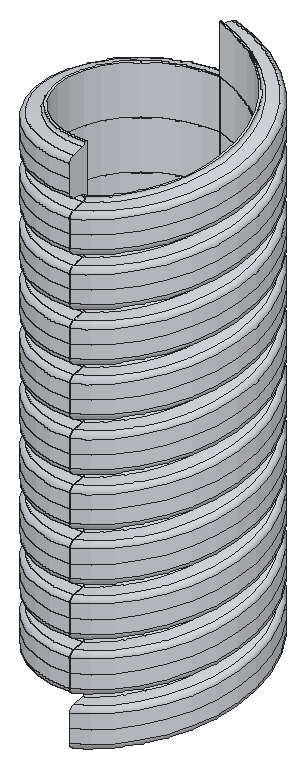
Revit family "110611-00006", category Обобщенные модели, Revit 2019
Family settings
  Может служить основой для арматурных стержней = Нет
  Размер круглого соединителя = Использовать диаметр
  Тип детали = Нормальный
  На основе рабочей плоскости = Нет
  Всегда вертикально = Да
  При загрузке вырезать с полостями = Нет
  Общий = Нет
  Точка расчета площади = Нет
Parameters (values of type "Муфта соединительная резьбовая ССД-Пайп 125 мм")
  Сертификат соответствия = "https://www.ssd.ru/upload/iblock/135/dg0dveb2bt5742u03x0awkefi1rhom8y/ssoot_1302705.pdf"
  Материал = "ПНД"
  Масса бухты, кг = "0,0946"
  Тип соединения = "Резьбовое"
  ADSK_Ссылка на сайт = "https://www.ssd.ru/mufta-soedinitelnaya-rezbovaya-ssd-payp-125-mm"
  ADSK_Наименование = "Муфта соединительная резьбовая ССД-Пайп 125 мм"
  ADSK_Марка = "ССД-Пайп"
  ADSK_Код изделия = "110611-00006"
  ADSK_Изготовитель = "АО \"СВЯЗЬСТРОЙДЕТАЛЬ\""
  ADSK_Диаметр наружный = 135.3 mm
  ADSK_Диаметр внутренний = 108 mm
Reference planes
  plane 1 "По центру (Вперед/Назад)": y = 0
  plane 2: z = 0
  plane 3 "По центру (Влево/Вправо)": x = 0
  plane 4 "Осевая": z = 100
  plane 5: x = -67.65
  plane 6: x = 67.65
  plane 7: y = 67.65
  plane 8: y = -67.65
  plane 9: x = -54
  plane 10: x = 54
  plane 11: y = 54
  plane 12: y = -54
Forms (mm)
  SweptBlend 1, solid
    path origin (0, -0.637, -370.812) x (0, 1, 0) y (-1, 0, 0)
      loop
        arc (25.5, 0) -> (0, 25.5) -> (-25.5, 0) r 25.5
    profile origin (0, 24.863, -370.812) x (0, -1, 0) y (0, 0, 1)
      loop
        line (-29.137, 52.927) -> (-30.478, 52.927)
        arc (-30.478, 52.927) -> (-30.811, 51.435) -> (-32.101, 50.614) r 2
        line (-32.101, 50.614) -> (-39.936, 49.232)
        arc (-39.936, 49.232) -> (-41.98, 48.052) -> (-42.787, 45.834) r 3.451
        line (-42.787, 45.834) -> (-42.787, 36.927) -> (-42.787, 28.019)
        arc (-42.787, 28.019) -> (-41.98, 25.801) -> (-39.936, 24.621) r 3.451
        line (-39.936, 24.621) -> (-32.101, 23.24)
        arc (-32.101, 23.24) -> (-30.811, 22.419) -> (-30.478, 20.927) r 2
        line (-30.478, 20.927) -> (-29.137, 20.927) -> (-29.137, 52.927)
    end profile origin (0, -26.137, -370.812) x (0, 1, 0) y (0, 0, 1)
      loop
        line (-27.863, 63.179) -> (-29.204, 63.179)
        arc (-29.204, 63.179) -> (-29.537, 61.687) -> (-30.827, 60.866) r 2
        line (-30.827, 60.866) -> (-38.661, 59.485)
        arc (-38.661, 59.485) -> (-40.705, 58.305) -> (-41.513, 56.087) r 3.451
        line (-41.513, 56.087) -> (-41.513, 47.179) -> (-41.513, 38.272)
        arc (-41.513, 38.272) -> (-40.705, 36.054) -> (-38.661, 34.874) r 3.451
        line (-38.661, 34.874) -> (-30.827, 33.492)
        arc (-30.827, 33.492) -> (-29.537, 32.671) -> (-29.204, 31.179) r 2
        line (-29.204, 31.179) -> (-27.863, 31.179) -> (-27.863, 63.179)
  SweptBlend 2, solid
    path origin (0, -0.637, -370.812) x (0, -1, 0) y (1, 0, 0)
      loop
        arc (25.5, 0) -> (0, 25.5) -> (-25.5, 0) r 25.5
    profile origin (0, -26.137, -370.812) x (0, 1, 0) y (0, 0, 1)
      loop
        line (-27.863, 31.179) -> (-29.204, 31.179)
        arc (-29.204, 31.179) -> (-29.537, 29.687) -> (-30.827, 28.866) r 2
        line (-30.827, 28.866) -> (-38.661, 27.485)
        arc (-38.661, 27.485) -> (-40.705, 26.305) -> (-41.513, 24.087) r 3.451
        line (-41.513, 24.087) -> (-41.513, 15.179) -> (-41.513, 6.272)
        arc (-41.513, 6.272) -> (-40.705, 4.054) -> (-38.661, 2.874) r 3.451
        line (-38.661, 2.874) -> (-30.827, 1.492)
        arc (-30.827, 1.492) -> (-29.537, 0.671) -> (-29.204, -0.821) r 2
        line (-29.204, -0.821) -> (-27.863, -0.821) -> (-27.863, 31.179)
    end profile origin (0, 24.863, -370.812) x (0, -1, 0) y (0, 0, 1)
      loop
        line (-29.137, 84.927) -> (-30.478, 84.927)
        arc (-30.478, 84.927) -> (-30.811, 83.435) -> (-32.101, 82.614) r 2
        line (-32.101, 82.614) -> (-39.936, 81.232)
        arc (-39.936, 81.232) -> (-41.98, 80.052) -> (-42.787, 77.834) r 3.451
        line (-42.787, 77.834) -> (-42.787, 68.927) -> (-42.787, 60.019)
        arc (-42.787, 60.019) -> (-41.98, 57.801) -> (-39.936, 56.621) r 3.451
        line (-39.936, 56.621) -> (-32.101, 55.24)
        arc (-32.101, 55.24) -> (-30.811, 54.419) -> (-30.478, 52.927) r 2
        line (-30.478, 52.927) -> (-29.137, 52.927) -> (-29.137, 84.927)
  SweptBlend 3, solid, not visible
    path origin (0, 0, 63.929) x (0, 1, 0) y (-1, 0, 0)
      loop
        arc (25.5, 0) -> (0, 25.5) -> (-25.5, 0) r 25.5
    profile origin (0, 25.5, 63.929) x (0, -1, 0) y (0, 0, 1)
      loop
        line (-29.137, 52.927) -> (-30.478, 52.927)
        arc (-30.478, 52.927) -> (-30.811, 51.435) -> (-32.101, 50.614) r 2
        line (-32.101, 50.614) -> (-39.936, 49.232)
        arc (-39.936, 49.232) -> (-41.98, 48.052) -> (-42.787, 45.834) r 3.451
        line (-42.787, 45.834) -> (-42.787, 36.927) -> (-42.787, 28.019)
        arc (-42.787, 28.019) -> (-41.98, 25.801) -> (-39.936, 24.621) r 3.451
        line (-39.936, 24.621) -> (-32.101, 23.24)
        arc (-32.101, 23.24) -> (-30.811, 22.419) -> (-30.478, 20.927) r 2
        line (-30.478, 20.927) -> (-29.137, 20.927) -> (-29.137, 52.927)
    end profile origin (0, -25.5, 63.929) x (0, 1, 0) y (0, 0, 1)
      loop
        line (-27.863, 63.179) -> (-29.204, 63.179)
        arc (-29.204, 63.179) -> (-29.537, 61.687) -> (-30.827, 60.866) r 2
        line (-30.827, 60.866) -> (-38.661, 59.485)
        arc (-38.661, 59.485) -> (-40.705, 58.305) -> (-41.513, 56.087) r 3.451
        line (-41.513, 56.087) -> (-41.513, 47.179) -> (-41.513, 38.272)
        arc (-41.513, 38.272) -> (-40.705, 36.054) -> (-38.661, 34.874) r 3.451
        line (-38.661, 34.874) -> (-30.827, 33.492)
        arc (-30.827, 33.492) -> (-29.537, 32.671) -> (-29.204, 31.179) r 2
        line (-29.204, 31.179) -> (-27.863, 31.179) -> (-27.863, 63.179)
  SweptBlend 4, solid, not visible
    path origin (0, 0, 63.929) x (0, -1, 0) y (1, 0, 0)
      loop
        arc (25.5, 0) -> (0, 25.5) -> (-25.5, 0) r 25.5
    profile origin (0, -25.5, 63.929) x (0, 1, 0) y (0, 0, 1)
      loop
        line (-27.863, 31.179) -> (-29.204, 31.179)
        arc (-29.204, 31.179) -> (-29.537, 29.687) -> (-30.827, 28.866) r 2
        line (-30.827, 28.866) -> (-38.661, 27.485)
        arc (-38.661, 27.485) -> (-40.705, 26.305) -> (-41.513, 24.087) r 3.451
        line (-41.513, 24.087) -> (-41.513, 15.179) -> (-41.513, 6.272)
        arc (-41.513, 6.272) -> (-40.705, 4.054) -> (-38.661, 2.874) r 3.451
        line (-38.661, 2.874) -> (-30.827, 1.492)
        arc (-30.827, 1.492) -> (-29.537, 0.671) -> (-29.204, -0.821) r 2
        line (-29.204, -0.821) -> (-27.863, -0.821) -> (-27.863, 31.179)
    end profile origin (0, 25.5, 63.929) x (0, -1, 0) y (0, 0, 1)
      loop
        line (-29.137, 84.927) -> (-30.478, 84.927)
        arc (-30.478, 84.927) -> (-30.811, 83.435) -> (-32.101, 82.614) r 2
        line (-32.101, 82.614) -> (-39.936, 81.232)
        arc (-39.936, 81.232) -> (-41.98, 80.052) -> (-42.787, 77.834) r 3.451
        line (-42.787, 77.834) -> (-42.787, 68.927) -> (-42.787, 60.019)
        arc (-42.787, 60.019) -> (-41.98, 57.801) -> (-39.936, 56.621) r 3.451
        line (-39.936, 56.621) -> (-32.101, 55.24)
        arc (-32.101, 55.24) -> (-30.811, 54.419) -> (-30.478, 52.927) r 2
        line (-30.478, 52.927) -> (-29.137, 52.927) -> (-29.137, 84.927)
  SweptBlend 5, solid
    path origin (0, -0.637, -338.812) x (0, 1, 0) y (-1, 0, 0)
      loop
        arc (25.5, 0) -> (0, 25.5) -> (-25.5, 0) r 25.5
    profile origin (0, 24.863, -338.812) x (0, -1, 0) y (0, 0, 1)
      loop
        line (-29.137, 52.927) -> (-30.478, 52.927)
        arc (-30.478, 52.927) -> (-30.811, 51.435) -> (-32.101, 50.614) r 2
        line (-32.101, 50.614) -> (-39.936, 49.232)
        arc (-39.936, 49.232) -> (-41.98, 48.052) -> (-42.787, 45.834) r 3.451
        line (-42.787, 45.834) -> (-42.787, 36.927) -> (-42.787, 28.019)
        arc (-42.787, 28.019) -> (-41.98, 25.801) -> (-39.936, 24.621) r 3.451
        line (-39.936, 24.621) -> (-32.101, 23.24)
        arc (-32.101, 23.24) -> (-30.811, 22.419) -> (-30.478, 20.927) r 2
        line (-30.478, 20.927) -> (-29.137, 20.927) -> (-29.137, 52.927)
    end profile origin (0, -26.137, -338.812) x (0, 1, 0) y (0, 0, 1)
      loop
        line (-27.863, 63.179) -> (-29.204, 63.179)
        arc (-29.204, 63.179) -> (-29.537, 61.687) -> (-30.827, 60.866) r 2
        line (-30.827, 60.866) -> (-38.661, 59.485)
        arc (-38.661, 59.485) -> (-40.705, 58.305) -> (-41.513, 56.087) r 3.451
        line (-41.513, 56.087) -> (-41.513, 47.179) -> (-41.513, 38.272)
        arc (-41.513, 38.272) -> (-40.705, 36.054) -> (-38.661, 34.874) r 3.451
        line (-38.661, 34.874) -> (-30.827, 33.492)
        arc (-30.827, 33.492) -> (-29.537, 32.671) -> (-29.204, 31.179) r 2
        line (-29.204, 31.179) -> (-27.863, 31.179) -> (-27.863, 63.179)
  SweptBlend 6, solid
    path origin (0, -0.637, -338.812) x (0, -1, 0) y (1, 0, 0)
      loop
        arc (25.5, 0) -> (0, 25.5) -> (-25.5, 0) r 25.5
    profile origin (0, -26.137, -338.812) x (0, 1, 0) y (0, 0, 1)
      loop
        line (-27.863, 31.179) -> (-29.204, 31.179)
        arc (-29.204, 31.179) -> (-29.537, 29.687) -> (-30.827, 28.866) r 2
        line (-30.827, 28.866) -> (-38.661, 27.485)
        arc (-38.661, 27.485) -> (-40.705, 26.305) -> (-41.513, 24.087) r 3.451
        line (-41.513, 24.087) -> (-41.513, 15.179) -> (-41.513, 6.272)
        arc (-41.513, 6.272) -> (-40.705, 4.054) -> (-38.661, 2.874) r 3.451
        line (-38.661, 2.874) -> (-30.827, 1.492)
        arc (-30.827, 1.492) -> (-29.537, 0.671) -> (-29.204, -0.821) r 2
        line (-29.204, -0.821) -> (-27.863, -0.821) -> (-27.863, 31.179)
    end profile origin (0, 24.863, -338.812) x (0, -1, 0) y (0, 0, 1)
      loop
        line (-29.137, 84.927) -> (-30.478, 84.927)
        arc (-30.478, 84.927) -> (-30.811, 83.435) -> (-32.101, 82.614) r 2
        line (-32.101, 82.614) -> (-39.936, 81.232)
        arc (-39.936, 81.232) -> (-41.98, 80.052) -> (-42.787, 77.834) r 3.451
        line (-42.787, 77.834) -> (-42.787, 68.927) -> (-42.787, 60.019)
        arc (-42.787, 60.019) -> (-41.98, 57.801) -> (-39.936, 56.621) r 3.451
        line (-39.936, 56.621) -> (-32.101, 55.24)
        arc (-32.101, 55.24) -> (-30.811, 54.419) -> (-30.478, 52.927) r 2
        line (-30.478, 52.927) -> (-29.137, 52.927) -> (-29.137, 84.927)
  SweptBlend 7, solid
    path origin (0, -0.637, -306.812) x (0, 1, 0) y (-1, 0, 0)
      loop
        arc (25.5, 0) -> (0, 25.5) -> (-25.5, 0) r 25.5
    profile origin (0, 24.863, -306.812) x (0, -1, 0) y (0, 0, 1)
      loop
        line (-29.137, 52.927) -> (-30.478, 52.927)
        arc (-30.478, 52.927) -> (-30.811, 51.435) -> (-32.101, 50.614) r 2
        line (-32.101, 50.614) -> (-39.936, 49.232)
        arc (-39.936, 49.232) -> (-41.98, 48.052) -> (-42.787, 45.834) r 3.451
        line (-42.787, 45.834) -> (-42.787, 36.927) -> (-42.787, 28.019)
        arc (-42.787, 28.019) -> (-41.98, 25.801) -> (-39.936, 24.621) r 3.451
        line (-39.936, 24.621) -> (-32.101, 23.24)
        arc (-32.101, 23.24) -> (-30.811, 22.419) -> (-30.478, 20.927) r 2
        line (-30.478, 20.927) -> (-29.137, 20.927) -> (-29.137, 52.927)
    end profile origin (0, -26.137, -306.812) x (0, 1, 0) y (0, 0, 1)
      loop
        line (-27.863, 63.179) -> (-29.204, 63.179)
        arc (-29.204, 63.179) -> (-29.537, 61.687) -> (-30.827, 60.866) r 2
        line (-30.827, 60.866) -> (-38.661, 59.485)
        arc (-38.661, 59.485) -> (-40.705, 58.305) -> (-41.513, 56.087) r 3.451
        line (-41.513, 56.087) -> (-41.513, 47.179) -> (-41.513, 38.272)
        arc (-41.513, 38.272) -> (-40.705, 36.054) -> (-38.661, 34.874) r 3.451
        line (-38.661, 34.874) -> (-30.827, 33.492)
        arc (-30.827, 33.492) -> (-29.537, 32.671) -> (-29.204, 31.179) r 2
        line (-29.204, 31.179) -> (-27.863, 31.179) -> (-27.863, 63.179)
  SweptBlend 8, solid
    path origin (0, -0.637, -306.812) x (0, -1, 0) y (1, 0, 0)
      loop
        arc (25.5, 0) -> (0, 25.5) -> (-25.5, 0) r 25.5
    profile origin (0, -26.137, -306.812) x (0, 1, 0) y (0, 0, 1)
      loop
        line (-27.863, 31.179) -> (-29.204, 31.179)
        arc (-29.204, 31.179) -> (-29.537, 29.687) -> (-30.827, 28.866) r 2
        line (-30.827, 28.866) -> (-38.661, 27.485)
        arc (-38.661, 27.485) -> (-40.705, 26.305) -> (-41.513, 24.087) r 3.451
        line (-41.513, 24.087) -> (-41.513, 15.179) -> (-41.513, 6.272)
        arc (-41.513, 6.272) -> (-40.705, 4.054) -> (-38.661, 2.874) r 3.451
        line (-38.661, 2.874) -> (-30.827, 1.492)
        arc (-30.827, 1.492) -> (-29.537, 0.671) -> (-29.204, -0.821) r 2
        line (-29.204, -0.821) -> (-27.863, -0.821) -> (-27.863, 31.179)
    end profile origin (0, 24.863, -306.812) x (0, -1, 0) y (0, 0, 1)
      loop
        line (-29.137, 84.927) -> (-30.478, 84.927)
        arc (-30.478, 84.927) -> (-30.811, 83.435) -> (-32.101, 82.614) r 2
        line (-32.101, 82.614) -> (-39.936, 81.232)
        arc (-39.936, 81.232) -> (-41.98, 80.052) -> (-42.787, 77.834) r 3.451
        line (-42.787, 77.834) -> (-42.787, 68.927) -> (-42.787, 60.019)
        arc (-42.787, 60.019) -> (-41.98, 57.801) -> (-39.936, 56.621) r 3.451
        line (-39.936, 56.621) -> (-32.101, 55.24)
        arc (-32.101, 55.24) -> (-30.811, 54.419) -> (-30.478, 52.927) r 2
        line (-30.478, 52.927) -> (-29.137, 52.927) -> (-29.137, 84.927)
  SweptBlend 9, solid
    path origin (0, -0.637, -274.812) x (0, 1, 0) y (-1, 0, 0)
      loop
        arc (25.5, 0) -> (0, 25.5) -> (-25.5, 0) r 25.5
    profile origin (0, 24.863, -274.812) x (0, -1, 0) y (0, 0, 1)
      loop
        line (-29.137, 52.927) -> (-30.478, 52.927)
        arc (-30.478, 52.927) -> (-30.811, 51.435) -> (-32.101, 50.614) r 2
        line (-32.101, 50.614) -> (-39.936, 49.232)
        arc (-39.936, 49.232) -> (-41.98, 48.052) -> (-42.787, 45.834) r 3.451
        line (-42.787, 45.834) -> (-42.787, 36.927) -> (-42.787, 28.019)
        arc (-42.787, 28.019) -> (-41.98, 25.801) -> (-39.936, 24.621) r 3.451
        line (-39.936, 24.621) -> (-32.101, 23.24)
        arc (-32.101, 23.24) -> (-30.811, 22.419) -> (-30.478, 20.927) r 2
        line (-30.478, 20.927) -> (-29.137, 20.927) -> (-29.137, 52.927)
    end profile origin (0, -26.137, -274.812) x (0, 1, 0) y (0, 0, 1)
      loop
        line (-27.863, 63.179) -> (-29.204, 63.179)
        arc (-29.204, 63.179) -> (-29.537, 61.687) -> (-30.827, 60.866) r 2
        line (-30.827, 60.866) -> (-38.661, 59.485)
        arc (-38.661, 59.485) -> (-40.705, 58.305) -> (-41.513, 56.087) r 3.451
        line (-41.513, 56.087) -> (-41.513, 47.179) -> (-41.513, 38.272)
        arc (-41.513, 38.272) -> (-40.705, 36.054) -> (-38.661, 34.874) r 3.451
        line (-38.661, 34.874) -> (-30.827, 33.492)
        arc (-30.827, 33.492) -> (-29.537, 32.671) -> (-29.204, 31.179) r 2
        line (-29.204, 31.179) -> (-27.863, 31.179) -> (-27.863, 63.179)
  SweptBlend 10, solid
    path origin (0, -0.637, -274.812) x (0, -1, 0) y (1, 0, 0)
      loop
        arc (25.5, 0) -> (0, 25.5) -> (-25.5, 0) r 25.5
    profile origin (0, -26.137, -274.812) x (0, 1, 0) y (0, 0, 1)
      loop
        line (-27.863, 31.179) -> (-29.204, 31.179)
        arc (-29.204, 31.179) -> (-29.537, 29.687) -> (-30.827, 28.866) r 2
        line (-30.827, 28.866) -> (-38.661, 27.485)
        arc (-38.661, 27.485) -> (-40.705, 26.305) -> (-41.513, 24.087) r 3.451
        line (-41.513, 24.087) -> (-41.513, 15.179) -> (-41.513, 6.272)
        arc (-41.513, 6.272) -> (-40.705, 4.054) -> (-38.661, 2.874) r 3.451
        line (-38.661, 2.874) -> (-30.827, 1.492)
        arc (-30.827, 1.492) -> (-29.537, 0.671) -> (-29.204, -0.821) r 2
        line (-29.204, -0.821) -> (-27.863, -0.821) -> (-27.863, 31.179)
    end profile origin (0, 24.863, -274.812) x (0, -1, 0) y (0, 0, 1)
      loop
        line (-29.137, 84.927) -> (-30.478, 84.927)
        arc (-30.478, 84.927) -> (-30.811, 83.435) -> (-32.101, 82.614) r 2
        line (-32.101, 82.614) -> (-39.936, 81.232)
        arc (-39.936, 81.232) -> (-41.98, 80.052) -> (-42.787, 77.834) r 3.451
        line (-42.787, 77.834) -> (-42.787, 68.927) -> (-42.787, 60.019)
        arc (-42.787, 60.019) -> (-41.98, 57.801) -> (-39.936, 56.621) r 3.451
        line (-39.936, 56.621) -> (-32.101, 55.24)
        arc (-32.101, 55.24) -> (-30.811, 54.419) -> (-30.478, 52.927) r 2
        line (-30.478, 52.927) -> (-29.137, 52.927) -> (-29.137, 84.927)
  SweptBlend 11, solid
    path origin (0, -0.637, -242.812) x (0, 1, 0) y (-1, 0, 0)
      loop
        arc (25.5, 0) -> (0, 25.5) -> (-25.5, 0) r 25.5
    profile origin (0, 24.863, -242.812) x (0, -1, 0) y (0, 0, 1)
      loop
        line (-29.137, 52.927) -> (-30.478, 52.927)
        arc (-30.478, 52.927) -> (-30.811, 51.435) -> (-32.101, 50.614) r 2
        line (-32.101, 50.614) -> (-39.936, 49.232)
        arc (-39.936, 49.232) -> (-41.98, 48.052) -> (-42.787, 45.834) r 3.451
        line (-42.787, 45.834) -> (-42.787, 36.927) -> (-42.787, 28.019)
        arc (-42.787, 28.019) -> (-41.98, 25.801) -> (-39.936, 24.621) r 3.451
        line (-39.936, 24.621) -> (-32.101, 23.24)
        arc (-32.101, 23.24) -> (-30.811, 22.419) -> (-30.478, 20.927) r 2
        line (-30.478, 20.927) -> (-29.137, 20.927) -> (-29.137, 52.927)
    end profile origin (0, -26.137, -242.812) x (0, 1, 0) y (0, 0, 1)
      loop
        line (-27.863, 63.179) -> (-29.204, 63.179)
        arc (-29.204, 63.179) -> (-29.537, 61.687) -> (-30.827, 60.866) r 2
        line (-30.827, 60.866) -> (-38.661, 59.485)
        arc (-38.661, 59.485) -> (-40.705, 58.305) -> (-41.513, 56.087) r 3.451
        line (-41.513, 56.087) -> (-41.513, 47.179) -> (-41.513, 38.272)
        arc (-41.513, 38.272) -> (-40.705, 36.054) -> (-38.661, 34.874) r 3.451
        line (-38.661, 34.874) -> (-30.827, 33.492)
        arc (-30.827, 33.492) -> (-29.537, 32.671) -> (-29.204, 31.179) r 2
        line (-29.204, 31.179) -> (-27.863, 31.179) -> (-27.863, 63.179)
  SweptBlend 12, solid
    path origin (0, -0.637, -242.812) x (0, -1, 0) y (1, 0, 0)
      loop
        arc (25.5, 0) -> (0, 25.5) -> (-25.5, 0) r 25.5
    profile origin (0, -26.137, -242.812) x (0, 1, 0) y (0, 0, 1)
      loop
        line (-27.863, 31.179) -> (-29.204, 31.179)
        arc (-29.204, 31.179) -> (-29.537, 29.687) -> (-30.827, 28.866) r 2
        line (-30.827, 28.866) -> (-38.661, 27.485)
        arc (-38.661, 27.485) -> (-40.705, 26.305) -> (-41.513, 24.087) r 3.451
        line (-41.513, 24.087) -> (-41.513, 15.179) -> (-41.513, 6.272)
        arc (-41.513, 6.272) -> (-40.705, 4.054) -> (-38.661, 2.874) r 3.451
        line (-38.661, 2.874) -> (-30.827, 1.492)
        arc (-30.827, 1.492) -> (-29.537, 0.671) -> (-29.204, -0.821) r 2
        line (-29.204, -0.821) -> (-27.863, -0.821) -> (-27.863, 31.179)
    end profile origin (0, 24.863, -242.812) x (0, -1, 0) y (0, 0, 1)
      loop
        line (-29.137, 84.927) -> (-30.478, 84.927)
        arc (-30.478, 84.927) -> (-30.811, 83.435) -> (-32.101, 82.614) r 2
        line (-32.101, 82.614) -> (-39.936, 81.232)
        arc (-39.936, 81.232) -> (-41.98, 80.052) -> (-42.787, 77.834) r 3.451
        line (-42.787, 77.834) -> (-42.787, 68.927) -> (-42.787, 60.019)
        arc (-42.787, 60.019) -> (-41.98, 57.801) -> (-39.936, 56.621) r 3.451
        line (-39.936, 56.621) -> (-32.101, 55.24)
        arc (-32.101, 55.24) -> (-30.811, 54.419) -> (-30.478, 52.927) r 2
        line (-30.478, 52.927) -> (-29.137, 52.927) -> (-29.137, 84.927)
  SweptBlend 13, solid
    path origin (0, -0.637, -210.812) x (0, 1, 0) y (-1, 0, 0)
      loop
        arc (25.5, 0) -> (0, 25.5) -> (-25.5, 0) r 25.5
    profile origin (0, 24.863, -210.812) x (0, -1, 0) y (0, 0, 1)
      loop
        line (-29.137, 52.927) -> (-30.478, 52.927)
        arc (-30.478, 52.927) -> (-30.811, 51.435) -> (-32.101, 50.614) r 2
        line (-32.101, 50.614) -> (-39.936, 49.232)
        arc (-39.936, 49.232) -> (-41.98, 48.052) -> (-42.787, 45.834) r 3.451
        line (-42.787, 45.834) -> (-42.787, 36.927) -> (-42.787, 28.019)
        arc (-42.787, 28.019) -> (-41.98, 25.801) -> (-39.936, 24.621) r 3.451
        line (-39.936, 24.621) -> (-32.101, 23.24)
        arc (-32.101, 23.24) -> (-30.811, 22.419) -> (-30.478, 20.927) r 2
        line (-30.478, 20.927) -> (-29.137, 20.927) -> (-29.137, 52.927)
    end profile origin (0, -26.137, -210.812) x (0, 1, 0) y (0, 0, 1)
      loop
        line (-27.863, 63.179) -> (-29.204, 63.179)
        arc (-29.204, 63.179) -> (-29.537, 61.687) -> (-30.827, 60.866) r 2
        line (-30.827, 60.866) -> (-38.661, 59.485)
        arc (-38.661, 59.485) -> (-40.705, 58.305) -> (-41.513, 56.087) r 3.451
        line (-41.513, 56.087) -> (-41.513, 47.179) -> (-41.513, 38.272)
        arc (-41.513, 38.272) -> (-40.705, 36.054) -> (-38.661, 34.874) r 3.451
        line (-38.661, 34.874) -> (-30.827, 33.492)
        arc (-30.827, 33.492) -> (-29.537, 32.671) -> (-29.204, 31.179) r 2
        line (-29.204, 31.179) -> (-27.863, 31.179) -> (-27.863, 63.179)
  SweptBlend 14, solid
    path origin (0, -0.637, -210.812) x (0, -1, 0) y (1, 0, 0)
      loop
        arc (25.5, 0) -> (0, 25.5) -> (-25.5, 0) r 25.5
    profile origin (0, -26.137, -210.812) x (0, 1, 0) y (0, 0, 1)
      loop
        line (-27.863, 31.179) -> (-29.204, 31.179)
        arc (-29.204, 31.179) -> (-29.537, 29.687) -> (-30.827, 28.866) r 2
        line (-30.827, 28.866) -> (-38.661, 27.485)
        arc (-38.661, 27.485) -> (-40.705, 26.305) -> (-41.513, 24.087) r 3.451
        line (-41.513, 24.087) -> (-41.513, 15.179) -> (-41.513, 6.272)
        arc (-41.513, 6.272) -> (-40.705, 4.054) -> (-38.661, 2.874) r 3.451
        line (-38.661, 2.874) -> (-30.827, 1.492)
        arc (-30.827, 1.492) -> (-29.537, 0.671) -> (-29.204, -0.821) r 2
        line (-29.204, -0.821) -> (-27.863, -0.821) -> (-27.863, 31.179)
    end profile origin (0, 24.863, -210.812) x (0, -1, 0) y (0, 0, 1)
      loop
        line (-29.137, 84.927) -> (-30.478, 84.927)
        arc (-30.478, 84.927) -> (-30.811, 83.435) -> (-32.101, 82.614) r 2
        line (-32.101, 82.614) -> (-39.936, 81.232)
        arc (-39.936, 81.232) -> (-41.98, 80.052) -> (-42.787, 77.834) r 3.451
        line (-42.787, 77.834) -> (-42.787, 68.927) -> (-42.787, 60.019)
        arc (-42.787, 60.019) -> (-41.98, 57.801) -> (-39.936, 56.621) r 3.451
        line (-39.936, 56.621) -> (-32.101, 55.24)
        arc (-32.101, 55.24) -> (-30.811, 54.419) -> (-30.478, 52.927) r 2
        line (-30.478, 52.927) -> (-29.137, 52.927) -> (-29.137, 84.927)
  SweptBlend 15, solid
    path origin (0, -0.637, -178.812) x (0, 1, 0) y (-1, 0, 0)
      loop
        arc (25.5, 0) -> (0, 25.5) -> (-25.5, 0) r 25.5
    profile origin (0, 24.863, -178.812) x (0, -1, 0) y (0, 0, 1)
      loop
        line (-29.137, 52.927) -> (-30.478, 52.927)
        arc (-30.478, 52.927) -> (-30.811, 51.435) -> (-32.101, 50.614) r 2
        line (-32.101, 50.614) -> (-39.936, 49.232)
        arc (-39.936, 49.232) -> (-41.98, 48.052) -> (-42.787, 45.834) r 3.451
        line (-42.787, 45.834) -> (-42.787, 36.927) -> (-42.787, 28.019)
        arc (-42.787, 28.019) -> (-41.98, 25.801) -> (-39.936, 24.621) r 3.451
        line (-39.936, 24.621) -> (-32.101, 23.24)
        arc (-32.101, 23.24) -> (-30.811, 22.419) -> (-30.478, 20.927) r 2
        line (-30.478, 20.927) -> (-29.137, 20.927) -> (-29.137, 52.927)
    end profile origin (0, -26.137, -178.812) x (0, 1, 0) y (0, 0, 1)
      loop
        line (-27.863, 63.179) -> (-29.204, 63.179)
        arc (-29.204, 63.179) -> (-29.537, 61.687) -> (-30.827, 60.866) r 2
        line (-30.827, 60.866) -> (-38.661, 59.485)
        arc (-38.661, 59.485) -> (-40.705, 58.305) -> (-41.513, 56.087) r 3.451
        line (-41.513, 56.087) -> (-41.513, 47.179) -> (-41.513, 38.272)
        arc (-41.513, 38.272) -> (-40.705, 36.054) -> (-38.661, 34.874) r 3.451
        line (-38.661, 34.874) -> (-30.827, 33.492)
        arc (-30.827, 33.492) -> (-29.537, 32.671) -> (-29.204, 31.179) r 2
        line (-29.204, 31.179) -> (-27.863, 31.179) -> (-27.863, 63.179)
  SweptBlend 16, solid
    path origin (0, -0.637, -178.812) x (0, -1, 0) y (1, 0, 0)
      loop
        arc (25.5, 0) -> (0, 25.5) -> (-25.5, 0) r 25.5
    profile origin (0, -26.137, -178.812) x (0, 1, 0) y (0, 0, 1)
      loop
        line (-27.863, 31.179) -> (-29.204, 31.179)
        arc (-29.204, 31.179) -> (-29.537, 29.687) -> (-30.827, 28.866) r 2
        line (-30.827, 28.866) -> (-38.661, 27.485)
        arc (-38.661, 27.485) -> (-40.705, 26.305) -> (-41.513, 24.087) r 3.451
        line (-41.513, 24.087) -> (-41.513, 15.179) -> (-41.513, 6.272)
        arc (-41.513, 6.272) -> (-40.705, 4.054) -> (-38.661, 2.874) r 3.451
        line (-38.661, 2.874) -> (-30.827, 1.492)
        arc (-30.827, 1.492) -> (-29.537, 0.671) -> (-29.204, -0.821) r 2
        line (-29.204, -0.821) -> (-27.863, -0.821) -> (-27.863, 31.179)
    end profile origin (0, 24.863, -178.812) x (0, -1, 0) y (0, 0, 1)
      loop
        line (-29.137, 84.927) -> (-30.478, 84.927)
        arc (-30.478, 84.927) -> (-30.811, 83.435) -> (-32.101, 82.614) r 2
        line (-32.101, 82.614) -> (-39.936, 81.232)
        arc (-39.936, 81.232) -> (-41.98, 80.052) -> (-42.787, 77.834) r 3.451
        line (-42.787, 77.834) -> (-42.787, 68.927) -> (-42.787, 60.019)
        arc (-42.787, 60.019) -> (-41.98, 57.801) -> (-39.936, 56.621) r 3.451
        line (-39.936, 56.621) -> (-32.101, 55.24)
        arc (-32.101, 55.24) -> (-30.811, 54.419) -> (-30.478, 52.927) r 2
        line (-30.478, 52.927) -> (-29.137, 52.927) -> (-29.137, 84.927)
  SweptBlend 17, solid
    path origin (0, -0.637, -146.812) x (0, 1, 0) y (-1, 0, 0)
      loop
        arc (25.5, 0) -> (0, 25.5) -> (-25.5, 0) r 25.5
    profile origin (0, 24.863, -146.812) x (0, -1, 0) y (0, 0, 1)
      loop
        line (-29.137, 52.927) -> (-30.478, 52.927)
        arc (-30.478, 52.927) -> (-30.811, 51.435) -> (-32.101, 50.614) r 2
        line (-32.101, 50.614) -> (-39.936, 49.232)
        arc (-39.936, 49.232) -> (-41.98, 48.052) -> (-42.787, 45.834) r 3.451
        line (-42.787, 45.834) -> (-42.787, 36.927) -> (-42.787, 28.019)
        arc (-42.787, 28.019) -> (-41.98, 25.801) -> (-39.936, 24.621) r 3.451
        line (-39.936, 24.621) -> (-32.101, 23.24)
        arc (-32.101, 23.24) -> (-30.811, 22.419) -> (-30.478, 20.927) r 2
        line (-30.478, 20.927) -> (-29.137, 20.927) -> (-29.137, 52.927)
    end profile origin (0, -26.137, -146.812) x (0, 1, 0) y (0, 0, 1)
      loop
        line (-27.863, 63.179) -> (-29.204, 63.179)
        arc (-29.204, 63.179) -> (-29.537, 61.687) -> (-30.827, 60.866) r 2
        line (-30.827, 60.866) -> (-38.661, 59.485)
        arc (-38.661, 59.485) -> (-40.705, 58.305) -> (-41.513, 56.087) r 3.451
        line (-41.513, 56.087) -> (-41.513, 47.179) -> (-41.513, 38.272)
        arc (-41.513, 38.272) -> (-40.705, 36.054) -> (-38.661, 34.874) r 3.451
        line (-38.661, 34.874) -> (-30.827, 33.492)
        arc (-30.827, 33.492) -> (-29.537, 32.671) -> (-29.204, 31.179) r 2
        line (-29.204, 31.179) -> (-27.863, 31.179) -> (-27.863, 63.179)
  SweptBlend 18, solid
    path origin (0, -0.637, -146.812) x (0, -1, 0) y (1, 0, 0)
      loop
        arc (25.5, 0) -> (0, 25.5) -> (-25.5, 0) r 25.5
    profile origin (0, -26.137, -146.812) x (0, 1, 0) y (0, 0, 1)
      loop
        line (-27.863, 31.179) -> (-29.204, 31.179)
        arc (-29.204, 31.179) -> (-29.537, 29.687) -> (-30.827, 28.866) r 2
        line (-30.827, 28.866) -> (-38.661, 27.485)
        arc (-38.661, 27.485) -> (-40.705, 26.305) -> (-41.513, 24.087) r 3.451
        line (-41.513, 24.087) -> (-41.513, 15.179) -> (-41.513, 6.272)
        arc (-41.513, 6.272) -> (-40.705, 4.054) -> (-38.661, 2.874) r 3.451
        line (-38.661, 2.874) -> (-30.827, 1.492)
        arc (-30.827, 1.492) -> (-29.537, 0.671) -> (-29.204, -0.821) r 2
        line (-29.204, -0.821) -> (-27.863, -0.821) -> (-27.863, 31.179)
    end profile origin (0, 24.863, -146.812) x (0, -1, 0) y (0, 0, 1)
      loop
        line (-29.137, 84.927) -> (-30.478, 84.927)
        arc (-30.478, 84.927) -> (-30.811, 83.435) -> (-32.101, 82.614) r 2
        line (-32.101, 82.614) -> (-39.936, 81.232)
        arc (-39.936, 81.232) -> (-41.98, 80.052) -> (-42.787, 77.834) r 3.451
        line (-42.787, 77.834) -> (-42.787, 68.927) -> (-42.787, 60.019)
        arc (-42.787, 60.019) -> (-41.98, 57.801) -> (-39.936, 56.621) r 3.451
        line (-39.936, 56.621) -> (-32.101, 55.24)
        arc (-32.101, 55.24) -> (-30.811, 54.419) -> (-30.478, 52.927) r 2
        line (-30.478, 52.927) -> (-29.137, 52.927) -> (-29.137, 84.927)
  SweptBlend 19, solid
    path origin (0, -0.637, -114.812) x (0, 1, 0) y (-1, 0, 0)
      loop
        arc (25.5, 0) -> (0, 25.5) -> (-25.5, 0) r 25.5
    profile origin (0, 24.863, -114.812) x (0, -1, 0) y (0, 0, 1)
      loop
        line (-29.137, 52.927) -> (-30.478, 52.927)
        arc (-30.478, 52.927) -> (-30.811, 51.435) -> (-32.101, 50.614) r 2
        line (-32.101, 50.614) -> (-39.936, 49.232)
        arc (-39.936, 49.232) -> (-41.98, 48.052) -> (-42.787, 45.834) r 3.451
        line (-42.787, 45.834) -> (-42.787, 36.927) -> (-42.787, 28.019)
        arc (-42.787, 28.019) -> (-41.98, 25.801) -> (-39.936, 24.621) r 3.451
        line (-39.936, 24.621) -> (-32.101, 23.24)
        arc (-32.101, 23.24) -> (-30.811, 22.419) -> (-30.478, 20.927) r 2
        line (-30.478, 20.927) -> (-29.137, 20.927) -> (-29.137, 52.927)
    end profile origin (0, -26.137, -114.812) x (0, 1, 0) y (0, 0, 1)
      loop
        line (-27.863, 63.179) -> (-29.204, 63.179)
        arc (-29.204, 63.179) -> (-29.537, 61.687) -> (-30.827, 60.866) r 2
        line (-30.827, 60.866) -> (-38.661, 59.485)
        arc (-38.661, 59.485) -> (-40.705, 58.305) -> (-41.513, 56.087) r 3.451
        line (-41.513, 56.087) -> (-41.513, 47.179) -> (-41.513, 38.272)
        arc (-41.513, 38.272) -> (-40.705, 36.054) -> (-38.661, 34.874) r 3.451
        line (-38.661, 34.874) -> (-30.827, 33.492)
        arc (-30.827, 33.492) -> (-29.537, 32.671) -> (-29.204, 31.179) r 2
        line (-29.204, 31.179) -> (-27.863, 31.179) -> (-27.863, 63.179)
  SweptBlend 20, solid
    path origin (0, -0.637, -114.812) x (0, -1, 0) y (1, 0, 0)
      loop
        arc (25.5, 0) -> (0, 25.5) -> (-25.5, 0) r 25.5
    profile origin (0, -26.137, -114.812) x (0, 1, 0) y (0, 0, 1)
      loop
        line (-27.863, 31.179) -> (-29.204, 31.179)
        arc (-29.204, 31.179) -> (-29.537, 29.687) -> (-30.827, 28.866) r 2
        line (-30.827, 28.866) -> (-38.661, 27.485)
        arc (-38.661, 27.485) -> (-40.705, 26.305) -> (-41.513, 24.087) r 3.451
        line (-41.513, 24.087) -> (-41.513, 15.179) -> (-41.513, 6.272)
        arc (-41.513, 6.272) -> (-40.705, 4.054) -> (-38.661, 2.874) r 3.451
        line (-38.661, 2.874) -> (-30.827, 1.492)
        arc (-30.827, 1.492) -> (-29.537, 0.671) -> (-29.204, -0.821) r 2
        line (-29.204, -0.821) -> (-27.863, -0.821) -> (-27.863, 31.179)
    end profile origin (0, 24.863, -114.812) x (0, -1, 0) y (0, 0, 1)
      loop
        line (-29.137, 84.927) -> (-30.478, 84.927)
        arc (-30.478, 84.927) -> (-30.811, 83.435) -> (-32.101, 82.614) r 2
        line (-32.101, 82.614) -> (-39.936, 81.232)
        arc (-39.936, 81.232) -> (-41.98, 80.052) -> (-42.787, 77.834) r 3.451
        line (-42.787, 77.834) -> (-42.787, 68.927) -> (-42.787, 60.019)
        arc (-42.787, 60.019) -> (-41.98, 57.801) -> (-39.936, 56.621) r 3.451
        line (-39.936, 56.621) -> (-32.101, 55.24)
        arc (-32.101, 55.24) -> (-30.811, 54.419) -> (-30.478, 52.927) r 2
        line (-30.478, 52.927) -> (-29.137, 52.927) -> (-29.137, 84.927)
  SweptBlend 21, solid
    path origin (0, -0.637, -82.812) x (0, 1, 0) y (-1, 0, 0)
      loop
        arc (25.5, 0) -> (0, 25.5) -> (-25.5, 0) r 25.5
    profile origin (0, 24.863, -82.812) x (0, -1, 0) y (0, 0, 1)
      loop
        line (-29.137, 52.927) -> (-30.478, 52.927)
        arc (-30.478, 52.927) -> (-30.811, 51.435) -> (-32.101, 50.614) r 2
        line (-32.101, 50.614) -> (-39.936, 49.232)
        arc (-39.936, 49.232) -> (-41.98, 48.052) -> (-42.787, 45.834) r 3.451
        line (-42.787, 45.834) -> (-42.787, 36.927) -> (-42.787, 28.019)
        arc (-42.787, 28.019) -> (-41.98, 25.801) -> (-39.936, 24.621) r 3.451
        line (-39.936, 24.621) -> (-32.101, 23.24)
        arc (-32.101, 23.24) -> (-30.811, 22.419) -> (-30.478, 20.927) r 2
        line (-30.478, 20.927) -> (-29.137, 20.927) -> (-29.137, 52.927)
    end profile origin (0, -26.137, -82.812) x (0, 1, 0) y (0, 0, 1)
      loop
        line (-27.863, 63.179) -> (-29.204, 63.179)
        arc (-29.204, 63.179) -> (-29.537, 61.687) -> (-30.827, 60.866) r 2
        line (-30.827, 60.866) -> (-38.661, 59.485)
        arc (-38.661, 59.485) -> (-40.705, 58.305) -> (-41.513, 56.087) r 3.451
        line (-41.513, 56.087) -> (-41.513, 47.179) -> (-41.513, 38.272)
        arc (-41.513, 38.272) -> (-40.705, 36.054) -> (-38.661, 34.874) r 3.451
        line (-38.661, 34.874) -> (-30.827, 33.492)
        arc (-30.827, 33.492) -> (-29.537, 32.671) -> (-29.204, 31.179) r 2
        line (-29.204, 31.179) -> (-27.863, 31.179) -> (-27.863, 63.179)
  SweptBlend 22, solid
    path origin (0, -0.637, -82.812) x (0, -1, 0) y (1, 0, 0)
      loop
        arc (25.5, 0) -> (0, 25.5) -> (-25.5, 0) r 25.5
    profile origin (0, -26.137, -82.812) x (0, 1, 0) y (0, 0, 1)
      loop
        line (-27.863, 31.179) -> (-29.204, 31.179)
        arc (-29.204, 31.179) -> (-29.537, 29.687) -> (-30.827, 28.866) r 2
        line (-30.827, 28.866) -> (-38.661, 27.485)
        arc (-38.661, 27.485) -> (-40.705, 26.305) -> (-41.513, 24.087) r 3.451
        line (-41.513, 24.087) -> (-41.513, 15.179) -> (-41.513, 6.272)
        arc (-41.513, 6.272) -> (-40.705, 4.054) -> (-38.661, 2.874) r 3.451
        line (-38.661, 2.874) -> (-30.827, 1.492)
        arc (-30.827, 1.492) -> (-29.537, 0.671) -> (-29.204, -0.821) r 2
        line (-29.204, -0.821) -> (-27.863, -0.821) -> (-27.863, 31.179)
    end profile origin (0, 24.863, -82.812) x (0, -1, 0) y (0, 0, 1)
      loop
        line (-29.137, 84.927) -> (-30.478, 84.927)
        arc (-30.478, 84.927) -> (-30.811, 83.435) -> (-32.101, 82.614) r 2
        line (-32.101, 82.614) -> (-39.936, 81.232)
        arc (-39.936, 81.232) -> (-41.98, 80.052) -> (-42.787, 77.834) r 3.451
        line (-42.787, 77.834) -> (-42.787, 68.927) -> (-42.787, 60.019)
        arc (-42.787, 60.019) -> (-41.98, 57.801) -> (-39.936, 56.621) r 3.451
        line (-39.936, 56.621) -> (-32.101, 55.24)
        arc (-32.101, 55.24) -> (-30.811, 54.419) -> (-30.478, 52.927) r 2
        line (-30.478, 52.927) -> (-29.137, 52.927) -> (-29.137, 84.927)
Dimensions and locks
  locked: plane 4 "Осевая" to level at 100
  "ADSK_Диаметр наружный": plane 5 to plane 6
  equal spacing: plane 5, plane 3 "По центру (Влево/Вправо)", plane 6
  "ADSK_Диаметр наружный": plane 7 to plane 8
  "ADSK_Диаметр внутренний": plane 9 to plane 10
  equal spacing: plane 9, plane 3 "По центру (Влево/Вправо)", plane 10
  "ADSK_Диаметр внутренний": plane 11 to plane 12
  equal spacing: plane 11, plane 1 "По центру (Вперед/Назад)", plane 12
  equal spacing: plane 7, plane 1 "По центру (Вперед/Назад)", plane 8
  equal spacing: group 2, group 5, group 7, group 9, group 11, group 13, group 15, group 17, group 19, group 21  (x3)
  radius of SweptBlend 1 sketch curve = 25.5 mm
  radius of SweptBlend 2 sketch curve = 25.5 mm
  radius of SweptBlend 3 sketch curve = 25.5 mm
  radius of SweptBlend 4 sketch curve = 25.5 mm
  radius of SweptBlend 5 sketch curve = 25.5 mm
  radius of SweptBlend 6 sketch curve = 25.5 mm
  radius of SweptBlend 7 sketch curve = 25.5 mm
  radius of SweptBlend 8 sketch curve = 25.5 mm
  radius of SweptBlend 9 sketch curve = 25.5 mm
  radius of SweptBlend 10 sketch curve = 25.5 mm
  radius of SweptBlend 11 sketch curve = 25.5 mm
  radius of SweptBlend 12 sketch curve = 25.5 mm
  radius of SweptBlend 13 sketch curve = 25.5 mm
  radius of SweptBlend 14 sketch curve = 25.5 mm
  radius of SweptBlend 15 sketch curve = 25.5 mm
  radius of SweptBlend 16 sketch curve = 25.5 mm
  radius of SweptBlend 17 sketch curve = 25.5 mm
  radius of SweptBlend 18 sketch curve = 25.5 mm
  radius of SweptBlend 19 sketch curve = 25.5 mm
  radius of SweptBlend 20 sketch curve = 25.5 mm
  radius of SweptBlend 21 sketch curve = 25.5 mm
  radius of SweptBlend 22 sketch curve = 25.5 mm
  aligned and locked: level to plane 2
Automatic sketch dimensions
  profile plane to SweptBlend 1 sketch curve = 42.787 mm
  SweptBlend 1 sketch curve to SweptBlend 1 sketch curve = 2.851 mm  (x2)
  SweptBlend 1 sketch curve to SweptBlend 1 sketch curve = 0.599 mm  (x2)
  SweptBlend 1 sketch curve to SweptBlend 1 sketch curve = 7.487 mm  (x2)
  SweptBlend 1 sketch curve to SweptBlend 1 sketch curve = 0.347 mm  (x4)
  profile plane to SweptBlend 1 sketch curve = 23.24 mm
  SweptBlend 1 sketch curve to SweptBlend 1 sketch curve = 1.97 mm  (x7)
  SweptBlend 1 sketch curve to SweptBlend 1 sketch curve = 1.341 mm  (x2)
  SweptBlend 1 sketch curve to SweptBlend 1 sketch curve = 1.381 mm  (x4)
  SweptBlend 1 sketch curve to SweptBlend 1 sketch curve = 17.815 mm
  SweptBlend 1 sketch curve to SweptBlend 1 sketch curve = 8.907 mm  (x3)
  profile plane to SweptBlend 1 sketch curve = 41.513 mm
  profile plane to SweptBlend 1 sketch curve = 38.661 mm  (x2)
  profile plane to SweptBlend 1 sketch curve = 38.062 mm  (x2)
  profile plane to SweptBlend 1 sketch curve = 31.174 mm  (x2)
  profile plane to SweptBlend 1 sketch curve = 31.179 mm
  SweptBlend 1 sketch curve to SweptBlend 1 sketch curve = 0.343 mm
  profile plane to SweptBlend 2 sketch curve = 42.787 mm
  SweptBlend 2 sketch curve to SweptBlend 2 sketch curve = 2.851 mm  (x4)
  SweptBlend 2 sketch curve to SweptBlend 2 sketch curve = 3.451 mm
  SweptBlend 2 sketch curve to SweptBlend 2 sketch curve = 0.599 mm  (x2)
  SweptBlend 2 sketch curve to SweptBlend 2 sketch curve = 7.487 mm  (x4)
  SweptBlend 2 sketch curve to SweptBlend 2 sketch curve = 0.347 mm  (x4)
  SweptBlend 2 sketch curve to SweptBlend 2 sketch curve = 1.97 mm  (x7)
  SweptBlend 2 sketch curve to SweptBlend 2 sketch curve = 1.341 mm  (x2)
  profile plane to SweptBlend 2 sketch curve = 52.927 mm
  SweptBlend 2 sketch curve to SweptBlend 2 sketch curve = 0.343 mm
  SweptBlend 2 sketch curve to SweptBlend 2 sketch curve = 1.381 mm  (x3)
  SweptBlend 2 sketch curve to SweptBlend 2 sketch curve = 8.907 mm  (x4)
  profile plane to SweptBlend 2 sketch curve = 6.272 mm
  profile plane to SweptBlend 2 sketch curve = 41.513 mm
  profile plane to SweptBlend 2 sketch curve = 2.874 mm
  profile plane to SweptBlend 2 sketch curve = 1.492 mm
  profile plane to SweptBlend 3 sketch curve = 42.787 mm
  SweptBlend 3 sketch curve to SweptBlend 3 sketch curve = 2.851 mm  (x2)
  SweptBlend 3 sketch curve to SweptBlend 3 sketch curve = 0.599 mm  (x2)
  SweptBlend 3 sketch curve to SweptBlend 3 sketch curve = 7.487 mm  (x2)
  SweptBlend 3 sketch curve to SweptBlend 3 sketch curve = 0.347 mm  (x4)
  profile plane to SweptBlend 3 sketch curve = 23.24 mm
  SweptBlend 3 sketch curve to SweptBlend 3 sketch curve = 1.97 mm  (x7)
  SweptBlend 3 sketch curve to SweptBlend 3 sketch curve = 1.341 mm  (x2)
  SweptBlend 3 sketch curve to SweptBlend 3 sketch curve = 1.381 mm  (x4)
  SweptBlend 3 sketch curve to SweptBlend 3 sketch curve = 17.815 mm
  SweptBlend 3 sketch curve to SweptBlend 3 sketch curve = 8.907 mm  (x3)
  profile plane to SweptBlend 3 sketch curve = 41.513 mm
  profile plane to SweptBlend 3 sketch curve = 38.661 mm  (x2)
  profile plane to SweptBlend 3 sketch curve = 38.062 mm  (x2)
  profile plane to SweptBlend 3 sketch curve = 31.174 mm  (x2)
  profile plane to SweptBlend 3 sketch curve = 31.179 mm
  SweptBlend 3 sketch curve to SweptBlend 3 sketch curve = 0.343 mm
  profile plane to SweptBlend 4 sketch curve = 42.787 mm
  SweptBlend 4 sketch curve to SweptBlend 4 sketch curve = 2.851 mm  (x4)
  SweptBlend 4 sketch curve to SweptBlend 4 sketch curve = 3.451 mm
  SweptBlend 4 sketch curve to SweptBlend 4 sketch curve = 0.599 mm  (x2)
  SweptBlend 4 sketch curve to SweptBlend 4 sketch curve = 7.487 mm  (x4)
  SweptBlend 4 sketch curve to SweptBlend 4 sketch curve = 0.347 mm  (x4)
  SweptBlend 4 sketch curve to SweptBlend 4 sketch curve = 1.97 mm  (x7)
  SweptBlend 4 sketch curve to SweptBlend 4 sketch curve = 1.341 mm  (x2)
  profile plane to SweptBlend 4 sketch curve = 52.927 mm
  SweptBlend 4 sketch curve to SweptBlend 4 sketch curve = 0.343 mm
  SweptBlend 4 sketch curve to SweptBlend 4 sketch curve = 1.381 mm  (x3)
  SweptBlend 4 sketch curve to SweptBlend 4 sketch curve = 8.907 mm  (x4)
  profile plane to SweptBlend 4 sketch curve = 6.272 mm
  profile plane to SweptBlend 4 sketch curve = 41.513 mm
  profile plane to SweptBlend 4 sketch curve = 2.874 mm
  profile plane to SweptBlend 4 sketch curve = 1.492 mm
  profile plane to SweptBlend 5 sketch curve = 42.787 mm
  SweptBlend 5 sketch curve to SweptBlend 5 sketch curve = 2.851 mm  (x2)
  SweptBlend 5 sketch curve to SweptBlend 5 sketch curve = 0.599 mm  (x2)
  SweptBlend 5 sketch curve to SweptBlend 5 sketch curve = 7.487 mm  (x2)
  SweptBlend 5 sketch curve to SweptBlend 5 sketch curve = 0.347 mm  (x4)
  profile plane to SweptBlend 5 sketch curve = 23.24 mm
  SweptBlend 5 sketch curve to SweptBlend 5 sketch curve = 1.97 mm  (x7)
  SweptBlend 5 sketch curve to SweptBlend 5 sketch curve = 1.341 mm  (x2)
  SweptBlend 5 sketch curve to SweptBlend 5 sketch curve = 1.381 mm  (x4)
  SweptBlend 5 sketch curve to SweptBlend 5 sketch curve = 17.815 mm
  SweptBlend 5 sketch curve to SweptBlend 5 sketch curve = 8.907 mm  (x3)
  profile plane to SweptBlend 5 sketch curve = 41.513 mm
  profile plane to SweptBlend 5 sketch curve = 38.661 mm  (x2)
  profile plane to SweptBlend 5 sketch curve = 38.062 mm  (x2)
  profile plane to SweptBlend 5 sketch curve = 31.174 mm  (x2)
  profile plane to SweptBlend 5 sketch curve = 31.179 mm
  SweptBlend 5 sketch curve to SweptBlend 5 sketch curve = 0.343 mm
  profile plane to SweptBlend 6 sketch curve = 42.787 mm
  SweptBlend 6 sketch curve to SweptBlend 6 sketch curve = 2.851 mm  (x4)
  SweptBlend 6 sketch curve to SweptBlend 6 sketch curve = 3.451 mm
  SweptBlend 6 sketch curve to SweptBlend 6 sketch curve = 0.599 mm  (x2)
  SweptBlend 6 sketch curve to SweptBlend 6 sketch curve = 7.487 mm  (x4)
  SweptBlend 6 sketch curve to SweptBlend 6 sketch curve = 0.347 mm  (x4)
  SweptBlend 6 sketch curve to SweptBlend 6 sketch curve = 1.97 mm  (x7)
  SweptBlend 6 sketch curve to SweptBlend 6 sketch curve = 1.341 mm  (x2)
  profile plane to SweptBlend 6 sketch curve = 52.927 mm
  SweptBlend 6 sketch curve to SweptBlend 6 sketch curve = 0.343 mm
  SweptBlend 6 sketch curve to SweptBlend 6 sketch curve = 1.381 mm  (x3)
  SweptBlend 6 sketch curve to SweptBlend 6 sketch curve = 8.907 mm  (x4)
  profile plane to SweptBlend 6 sketch curve = 6.272 mm
  profile plane to SweptBlend 6 sketch curve = 41.513 mm
  profile plane to SweptBlend 6 sketch curve = 2.874 mm
  profile plane to SweptBlend 6 sketch curve = 1.492 mm
  profile plane to SweptBlend 7 sketch curve = 42.787 mm
  SweptBlend 7 sketch curve to SweptBlend 7 sketch curve = 2.851 mm  (x2)
  SweptBlend 7 sketch curve to SweptBlend 7 sketch curve = 0.599 mm  (x2)
  SweptBlend 7 sketch curve to SweptBlend 7 sketch curve = 7.487 mm  (x2)
  SweptBlend 7 sketch curve to SweptBlend 7 sketch curve = 0.347 mm  (x4)
  profile plane to SweptBlend 7 sketch curve = 23.24 mm
  SweptBlend 7 sketch curve to SweptBlend 7 sketch curve = 1.97 mm  (x7)
  SweptBlend 7 sketch curve to SweptBlend 7 sketch curve = 1.341 mm  (x2)
  SweptBlend 7 sketch curve to SweptBlend 7 sketch curve = 1.381 mm  (x4)
  SweptBlend 7 sketch curve to SweptBlend 7 sketch curve = 17.815 mm
  SweptBlend 7 sketch curve to SweptBlend 7 sketch curve = 8.907 mm  (x3)
  profile plane to SweptBlend 7 sketch curve = 41.513 mm
  profile plane to SweptBlend 7 sketch curve = 38.661 mm  (x2)
  profile plane to SweptBlend 7 sketch curve = 38.062 mm  (x2)
  profile plane to SweptBlend 7 sketch curve = 31.174 mm  (x2)
  profile plane to SweptBlend 7 sketch curve = 31.179 mm
  SweptBlend 7 sketch curve to SweptBlend 7 sketch curve = 0.343 mm
  profile plane to SweptBlend 8 sketch curve = 42.787 mm
  SweptBlend 8 sketch curve to SweptBlend 8 sketch curve = 2.851 mm  (x4)
  SweptBlend 8 sketch curve to SweptBlend 8 sketch curve = 3.451 mm
  SweptBlend 8 sketch curve to SweptBlend 8 sketch curve = 0.599 mm  (x2)
  SweptBlend 8 sketch curve to SweptBlend 8 sketch curve = 7.487 mm  (x4)
  SweptBlend 8 sketch curve to SweptBlend 8 sketch curve = 0.347 mm  (x4)
  SweptBlend 8 sketch curve to SweptBlend 8 sketch curve = 1.97 mm  (x7)
  SweptBlend 8 sketch curve to SweptBlend 8 sketch curve = 1.341 mm  (x2)
  profile plane to SweptBlend 8 sketch curve = 52.927 mm
  SweptBlend 8 sketch curve to SweptBlend 8 sketch curve = 0.343 mm
  SweptBlend 8 sketch curve to SweptBlend 8 sketch curve = 1.381 mm  (x3)
  SweptBlend 8 sketch curve to SweptBlend 8 sketch curve = 8.907 mm  (x4)
  profile plane to SweptBlend 8 sketch curve = 6.272 mm
  profile plane to SweptBlend 8 sketch curve = 41.513 mm
  profile plane to SweptBlend 8 sketch curve = 2.874 mm
  profile plane to SweptBlend 8 sketch curve = 1.492 mm
  profile plane to SweptBlend 9 sketch curve = 42.787 mm
  SweptBlend 9 sketch curve to SweptBlend 9 sketch curve = 2.851 mm  (x2)
  SweptBlend 9 sketch curve to SweptBlend 9 sketch curve = 0.599 mm  (x2)
  SweptBlend 9 sketch curve to SweptBlend 9 sketch curve = 7.487 mm  (x2)
  SweptBlend 9 sketch curve to SweptBlend 9 sketch curve = 0.347 mm  (x4)
  profile plane to SweptBlend 9 sketch curve = 23.24 mm
  SweptBlend 9 sketch curve to SweptBlend 9 sketch curve = 1.97 mm  (x7)
  SweptBlend 9 sketch curve to SweptBlend 9 sketch curve = 1.341 mm  (x2)
  SweptBlend 9 sketch curve to SweptBlend 9 sketch curve = 1.381 mm  (x4)
  SweptBlend 9 sketch curve to SweptBlend 9 sketch curve = 17.815 mm
  SweptBlend 9 sketch curve to SweptBlend 9 sketch curve = 8.907 mm  (x3)
  profile plane to SweptBlend 9 sketch curve = 41.513 mm
  profile plane to SweptBlend 9 sketch curve = 38.661 mm  (x2)
  profile plane to SweptBlend 9 sketch curve = 38.062 mm  (x2)
  profile plane to SweptBlend 9 sketch curve = 31.174 mm  (x2)
  profile plane to SweptBlend 9 sketch curve = 31.179 mm
  SweptBlend 9 sketch curve to SweptBlend 9 sketch curve = 0.343 mm
  profile plane to SweptBlend 10 sketch curve = 42.787 mm
  SweptBlend 10 sketch curve to SweptBlend 10 sketch curve = 2.851 mm  (x4)
  SweptBlend 10 sketch curve to SweptBlend 10 sketch curve = 3.451 mm
  SweptBlend 10 sketch curve to SweptBlend 10 sketch curve = 0.599 mm  (x2)
  SweptBlend 10 sketch curve to SweptBlend 10 sketch curve = 7.487 mm  (x4)
  SweptBlend 10 sketch curve to SweptBlend 10 sketch curve = 0.347 mm  (x4)
  SweptBlend 10 sketch curve to SweptBlend 10 sketch curve = 1.97 mm  (x7)
  SweptBlend 10 sketch curve to SweptBlend 10 sketch curve = 1.341 mm  (x2)
  profile plane to SweptBlend 10 sketch curve = 52.927 mm
  SweptBlend 10 sketch curve to SweptBlend 10 sketch curve = 0.343 mm
  SweptBlend 10 sketch curve to SweptBlend 10 sketch curve = 1.381 mm  (x3)
  SweptBlend 10 sketch curve to SweptBlend 10 sketch curve = 8.907 mm  (x4)
  profile plane to SweptBlend 10 sketch curve = 6.272 mm
  profile plane to SweptBlend 10 sketch curve = 41.513 mm
  profile plane to SweptBlend 10 sketch curve = 2.874 mm
  profile plane to SweptBlend 10 sketch curve = 1.492 mm
  profile plane to SweptBlend 11 sketch curve = 42.787 mm
  SweptBlend 11 sketch curve to SweptBlend 11 sketch curve = 2.851 mm  (x2)
  SweptBlend 11 sketch curve to SweptBlend 11 sketch curve = 0.599 mm  (x2)
  SweptBlend 11 sketch curve to SweptBlend 11 sketch curve = 7.487 mm  (x2)
  SweptBlend 11 sketch curve to SweptBlend 11 sketch curve = 0.347 mm  (x4)
  profile plane to SweptBlend 11 sketch curve = 23.24 mm
  SweptBlend 11 sketch curve to SweptBlend 11 sketch curve = 1.97 mm  (x7)
  SweptBlend 11 sketch curve to SweptBlend 11 sketch curve = 1.341 mm  (x2)
  SweptBlend 11 sketch curve to SweptBlend 11 sketch curve = 1.381 mm  (x4)
  SweptBlend 11 sketch curve to SweptBlend 11 sketch curve = 17.815 mm
  SweptBlend 11 sketch curve to SweptBlend 11 sketch curve = 8.907 mm  (x3)
  profile plane to SweptBlend 11 sketch curve = 41.513 mm
  profile plane to SweptBlend 11 sketch curve = 38.661 mm  (x2)
  profile plane to SweptBlend 11 sketch curve = 38.062 mm  (x2)
  profile plane to SweptBlend 11 sketch curve = 31.174 mm  (x2)
  profile plane to SweptBlend 11 sketch curve = 31.179 mm
  SweptBlend 11 sketch curve to SweptBlend 11 sketch curve = 0.343 mm
  profile plane to SweptBlend 12 sketch curve = 42.787 mm
  SweptBlend 12 sketch curve to SweptBlend 12 sketch curve = 2.851 mm  (x4)
  SweptBlend 12 sketch curve to SweptBlend 12 sketch curve = 3.451 mm
  SweptBlend 12 sketch curve to SweptBlend 12 sketch curve = 0.599 mm  (x2)
  SweptBlend 12 sketch curve to SweptBlend 12 sketch curve = 7.487 mm  (x4)
  SweptBlend 12 sketch curve to SweptBlend 12 sketch curve = 0.347 mm  (x4)
  SweptBlend 12 sketch curve to SweptBlend 12 sketch curve = 1.97 mm  (x7)
  SweptBlend 12 sketch curve to SweptBlend 12 sketch curve = 1.341 mm  (x2)
  profile plane to SweptBlend 12 sketch curve = 52.927 mm
  SweptBlend 12 sketch curve to SweptBlend 12 sketch curve = 0.343 mm
  SweptBlend 12 sketch curve to SweptBlend 12 sketch curve = 1.381 mm  (x3)
  SweptBlend 12 sketch curve to SweptBlend 12 sketch curve = 8.907 mm  (x4)
  profile plane to SweptBlend 12 sketch curve = 6.272 mm
  profile plane to SweptBlend 12 sketch curve = 41.513 mm
  profile plane to SweptBlend 12 sketch curve = 2.874 mm
  profile plane to SweptBlend 12 sketch curve = 1.492 mm
  profile plane to SweptBlend 13 sketch curve = 42.787 mm
  SweptBlend 13 sketch curve to SweptBlend 13 sketch curve = 2.851 mm  (x2)
  SweptBlend 13 sketch curve to SweptBlend 13 sketch curve = 0.599 mm  (x2)
  SweptBlend 13 sketch curve to SweptBlend 13 sketch curve = 7.487 mm  (x2)
  SweptBlend 13 sketch curve to SweptBlend 13 sketch curve = 0.347 mm  (x4)
  profile plane to SweptBlend 13 sketch curve = 23.24 mm
  SweptBlend 13 sketch curve to SweptBlend 13 sketch curve = 1.97 mm  (x7)
  SweptBlend 13 sketch curve to SweptBlend 13 sketch curve = 1.341 mm  (x2)
  SweptBlend 13 sketch curve to SweptBlend 13 sketch curve = 1.381 mm  (x4)
  SweptBlend 13 sketch curve to SweptBlend 13 sketch curve = 17.815 mm
  SweptBlend 13 sketch curve to SweptBlend 13 sketch curve = 8.907 mm  (x3)
  profile plane to SweptBlend 13 sketch curve = 41.513 mm
  profile plane to SweptBlend 13 sketch curve = 38.661 mm  (x2)
  profile plane to SweptBlend 13 sketch curve = 38.062 mm  (x2)
  profile plane to SweptBlend 13 sketch curve = 31.174 mm  (x2)
  profile plane to SweptBlend 13 sketch curve = 31.179 mm
  SweptBlend 13 sketch curve to SweptBlend 13 sketch curve = 0.343 mm
  profile plane to SweptBlend 14 sketch curve = 42.787 mm
  SweptBlend 14 sketch curve to SweptBlend 14 sketch curve = 2.851 mm  (x4)
  SweptBlend 14 sketch curve to SweptBlend 14 sketch curve = 3.451 mm
  SweptBlend 14 sketch curve to SweptBlend 14 sketch curve = 0.599 mm  (x2)
  SweptBlend 14 sketch curve to SweptBlend 14 sketch curve = 7.487 mm  (x4)
  SweptBlend 14 sketch curve to SweptBlend 14 sketch curve = 0.347 mm  (x4)
  SweptBlend 14 sketch curve to SweptBlend 14 sketch curve = 1.97 mm  (x7)
  SweptBlend 14 sketch curve to SweptBlend 14 sketch curve = 1.341 mm  (x2)
  profile plane to SweptBlend 14 sketch curve = 52.927 mm
  SweptBlend 14 sketch curve to SweptBlend 14 sketch curve = 0.343 mm
  SweptBlend 14 sketch curve to SweptBlend 14 sketch curve = 1.381 mm  (x3)
  SweptBlend 14 sketch curve to SweptBlend 14 sketch curve = 8.907 mm  (x4)
  profile plane to SweptBlend 14 sketch curve = 6.272 mm
  profile plane to SweptBlend 14 sketch curve = 41.513 mm
  profile plane to SweptBlend 14 sketch curve = 2.874 mm
  profile plane to SweptBlend 14 sketch curve = 1.492 mm
  profile plane to SweptBlend 15 sketch curve = 42.787 mm
  SweptBlend 15 sketch curve to SweptBlend 15 sketch curve = 2.851 mm  (x2)
  SweptBlend 15 sketch curve to SweptBlend 15 sketch curve = 0.599 mm  (x2)
  SweptBlend 15 sketch curve to SweptBlend 15 sketch curve = 7.487 mm  (x2)
  SweptBlend 15 sketch curve to SweptBlend 15 sketch curve = 0.347 mm  (x4)
  profile plane to SweptBlend 15 sketch curve = 23.24 mm
  SweptBlend 15 sketch curve to SweptBlend 15 sketch curve = 1.97 mm  (x7)
  SweptBlend 15 sketch curve to SweptBlend 15 sketch curve = 1.341 mm  (x2)
  SweptBlend 15 sketch curve to SweptBlend 15 sketch curve = 1.381 mm  (x4)
  SweptBlend 15 sketch curve to SweptBlend 15 sketch curve = 17.815 mm
  SweptBlend 15 sketch curve to SweptBlend 15 sketch curve = 8.907 mm  (x3)
  profile plane to SweptBlend 15 sketch curve = 41.513 mm
  profile plane to SweptBlend 15 sketch curve = 38.661 mm  (x2)
  profile plane to SweptBlend 15 sketch curve = 38.062 mm  (x2)
  profile plane to SweptBlend 15 sketch curve = 31.174 mm  (x2)
  profile plane to SweptBlend 15 sketch curve = 31.179 mm
  SweptBlend 15 sketch curve to SweptBlend 15 sketch curve = 0.343 mm
  profile plane to SweptBlend 16 sketch curve = 42.787 mm
  SweptBlend 16 sketch curve to SweptBlend 16 sketch curve = 2.851 mm  (x4)
  SweptBlend 16 sketch curve to SweptBlend 16 sketch curve = 3.451 mm
  SweptBlend 16 sketch curve to SweptBlend 16 sketch curve = 0.599 mm  (x2)
  SweptBlend 16 sketch curve to SweptBlend 16 sketch curve = 7.487 mm  (x4)
  SweptBlend 16 sketch curve to SweptBlend 16 sketch curve = 0.347 mm  (x4)
  SweptBlend 16 sketch curve to SweptBlend 16 sketch curve = 1.97 mm  (x7)
  SweptBlend 16 sketch curve to SweptBlend 16 sketch curve = 1.341 mm  (x2)
  profile plane to SweptBlend 16 sketch curve = 52.927 mm
  SweptBlend 16 sketch curve to SweptBlend 16 sketch curve = 0.343 mm
  SweptBlend 16 sketch curve to SweptBlend 16 sketch curve = 1.381 mm  (x3)
  SweptBlend 16 sketch curve to SweptBlend 16 sketch curve = 8.907 mm  (x4)
  profile plane to SweptBlend 16 sketch curve = 6.272 mm
  profile plane to SweptBlend 16 sketch curve = 41.513 mm
  profile plane to SweptBlend 16 sketch curve = 2.874 mm
  profile plane to SweptBlend 16 sketch curve = 1.492 mm
  profile plane to SweptBlend 17 sketch curve = 42.787 mm
  SweptBlend 17 sketch curve to SweptBlend 17 sketch curve = 2.851 mm  (x2)
  SweptBlend 17 sketch curve to SweptBlend 17 sketch curve = 0.599 mm  (x2)
